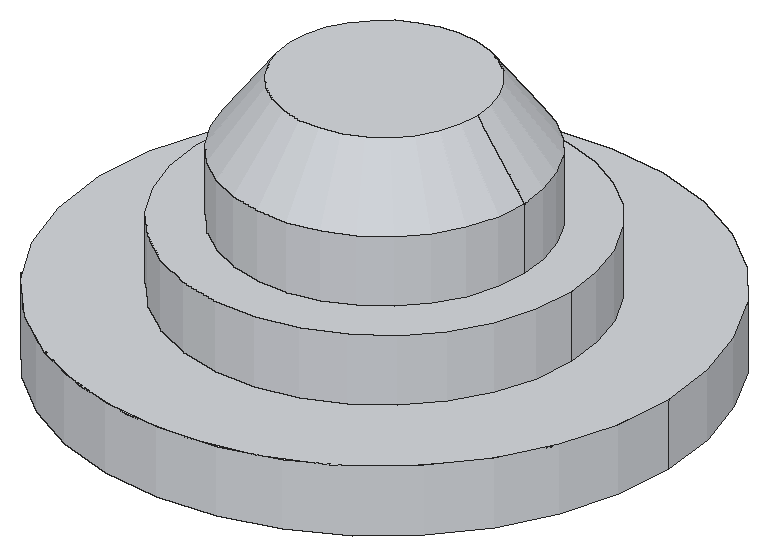
Revit family "54b2feb4a3f74aeba308fb7f4f25cad7", category Fire Alarm Devices, host Face, Revit 2021
Family settings
  Host = Face
  Maintain Annotation Orientation = No
  Round Connector Dimension = Use Diameter
  Part Type = Normal
  OmniClass Number = 23.85.30.21.11.11
  OmniClass Title = Fire/Smoke Detectors
  Seek Item ID = Rate of Rise Heat Detector-0000-USA-ENU
  Cut with Voids When Loaded = No
  Shared = No
  Room Calculation Point = No
Parameters (values of type "Standard")
  Radius 2 = 0' - 0 3/4"
  Radius 3 = 0' - 1 1/8"
  Radius 1 = 0' - 1 1/2"
  Radius = Diameter * 0.5  # 0' - 2.2793"
  Label = ""
  Diameter = 0' - 4 143/256"
  Detector Material = none
  Length 3 = 0' - 0 1/2"
  Length 2 = 0' - 0 1/2"
  Length 1 = 0' - 0 1/2"
  Length = 0' - 2"
  Default Elevation = 4' - 0"
Types (4): name | Label
  (no name) | ""
  Standard | ""
  200F | "200°"
  135F | "135°"
Reference planes (in)
  plane 1 "Center (Front/Back)": y = 0
  plane 2: z = 0
  plane 3 "Center (Left/Right)": x = 0
  plane 4: z = 0.5
  plane 5: z = 2
  plane 6: z = 1.5
  plane 7: z = 1
Forms (in)
  Extrusion 1, solid, material <- "Detector Material"
    sketch origin (0, 0, 0) x (1, 0, 0) y (0, 1, 0)
      loop
        circle (0, 0) r 2.2793
    from 0 to 0.5
  Extrusion 2, solid, material <- "Detector Material"
    sketch origin (0, 0, 0) x (1, 0, 0) y (0, 1, 0)
      loop
        circle (0, 0) r 1.5
    from 0.5 to 1
  Blend 3, solid, material <- "Detector Material"
    base sketch origin (0, 0, 0) x (1, 0, 0) y (0, 1, 0)
      loop
        circle (0, 0) r 1.125
    top sketch origin (0, 0, 0) x (1, 0, 0) y (0, 1, 0)
      loop
        circle (0, 0) r 0.75
    from 1.5 to 2
  Extrusion 4, solid, material <- "Detector Material"
    sketch origin (0, 0, 0) x (1, 0, 0) y (0, 1, 0)
      loop
        circle (0, 0) r 1.125
    from 1 to 1.5
Cuts and joins
  joined: Extrusion 1, Extrusion 2, Blend 3, Extrusion 4
Lines and regions (in)
  symbolic lines, detail levels fine
    curve 1: arc (-2.2793, 0, 0) -> (0, -2.2793, 0) -> (2.2793, 0, 0) r 2.2793
    curve 2: arc (2.2793, 0, 0) -> (0, 2.2793, 0) -> (-2.2793, 0, 0) r 2.2793
    curve 3: arc (1.5, 0, 0) -> (0, 1.5, 0) -> (-1.5, 0, 0) r 1.5
    curve 4: arc (-1.5, 0, 0) -> (0, -1.5, 0) -> (1.5, 0, 0) r 1.5
    curve 5: arc (-1.125, 0, 0) -> (0, -1.125, 0) -> (1.125, 0, 0) r 1.125
    curve 6: arc (1.125, 0, 0) -> (0, 1.125, 0) -> (-1.125, 0, 0) r 1.125
    curve 7: arc (0.75, 0, 0) -> (0, 0.75, 0) -> (-0.75, 0, 0) r 0.75
    curve 8: arc (-0.75, 0, 0) -> (0, -0.75, 0) -> (0.75, 0, 0) r 0.75
Dimensions and locks (in)
  "Length 1": plane 4 to level
  "Length": plane 5 to level
  "Length 2": plane 7 to plane 4
  "Length 3": plane 6 to plane 7
  "Radius": radius of Extrusion 1 sketch curve
  "Radius 1": radius of Extrusion 2 sketch curve
  "Radius 3": radius of Blend 3 sketch curve
  "Radius 2": radius of Blend 3 sketch curve
  "Radius 3": radius of Extrusion 4 sketch curve
  aligned and locked: plane 2 to host face
  aligned and locked: level to host face
  aligned and locked: Extrusion 1 to plane 2
  aligned and locked: plane 4 to Extrusion 1
  aligned and locked: Extrusion 2 to plane 4
  aligned and locked: plane 1 "Center (Front/Back)" to Blend 3 sketch curve  (x2)
  aligned and locked: plane 3 "Center (Left/Right)" to Blend 3 sketch curve  (x2)
  aligned and locked: plane 5 to Blend 3
  aligned and locked: Blend 3 to plane 6
  aligned and locked: Blend 3 to plane 5
  aligned and locked: plane 1 "Center (Front/Back)" to Extrusion 1 sketch curve
  aligned and locked: plane 3 "Center (Left/Right)" to Extrusion 1 sketch curve
  aligned and locked: plane 1 "Center (Front/Back)" to Extrusion 2 sketch curve
  aligned and locked: plane 3 "Center (Left/Right)" to Extrusion 2 sketch curve
  aligned and locked: plane 1 "Center (Front/Back)" to Extrusion 4 sketch curve
  aligned and locked: plane 3 "Center (Left/Right)" to Extrusion 4 sketch curve
  aligned and locked: plane 6 to Extrusion 4
  aligned and locked: plane 7 to cut or joined group of Extrusion 1, Extrusion 2, Blend 3, Extrusion 4  (x2)
  aligned and locked: cut or joined group of Extrusion 1, Extrusion 2, Blend 3, Extrusion 4 to plane 7
  aligned and locked: curve 1 to cut or joined group of Extrusion 1, Extrusion 2, Blend 3, Extrusion 4
  aligned and locked: curve 2 to cut or joined group of Extrusion 1, Extrusion 2, Blend 3, Extrusion 4
  aligned and locked: curve 3 to cut or joined group of Extrusion 1, Extrusion 2, Blend 3, Extrusion 4
  aligned and locked: curve 4 to cut or joined group of Extrusion 1, Extrusion 2, Blend 3, Extrusion 4
  aligned and locked: curve 5 to cut or joined group of Extrusion 1, Extrusion 2, Blend 3, Extrusion 4
  aligned and locked: curve 6 to cut or joined group of Extrusion 1, Extrusion 2, Blend 3, Extrusion 4
  aligned and locked: curve 7 to cut or joined group of Extrusion 1, Extrusion 2, Blend 3, Extrusion 4
  aligned and locked: curve 8 to cut or joined group of Extrusion 1, Extrusion 2, Blend 3, Extrusion 4
  aligned and locked: plane 1 "Center (Front/Back)" to nested 1
  aligned and locked: nested 1 to plane 3 "Center (Left/Right)"
Automatic sketch dimensions
  host sketch curve to host sketch curve = 8' - 0"  (x2)
Nested families (in)
  nested 1: "Heat Detector Annotation 1" at (0, 0, 0), type "Heat Detector Annotation 1", detail levels coarse+medium
Connectors (in)
  electrical at (0, 0, 0)
    settings: on Extrusion 1, index 1, voltage 0 V, apparent load 0 VA, apparent load phase1 0 VA, apparent load phase2 0 VA, apparent load phase3 0 VA, power factor 1, load classification "Other", number of poles 1, system type 11, power factor state 1, is connector primary yes, connector utility no, sub classification motor no, connector description ""
Definition of nested family "Heat Detector Annotation 1"
  Parameters
    Label 2 = ""
    Label 1 = "F"
  Reference planes (in)
    plane 1: y = 0
    plane 2: x = 0
  Lines and regions (in)
    reference lines
      curve 1: line (-0.59408, 0.0625, 0) -> (1.03342, 0.0625, 0)
    detail lines
      curve 2: line (0, 0.0625, 0) -> (-0.05413, 0.03125, 0)
      curve 3: line (-0.05413, 0.03125, 0) -> (-0.05413, -0.03125, 0)
      curve 4: line (-0.05413, -0.03125, 0) -> (0, -0.0625, 0)
      curve 5: line (0, -0.0625, 0) -> (0.05413, -0.03125, 0)
      curve 6: line (0.05413, -0.03125, 0) -> (0.05413, 0.03125, 0)
      curve 7: line (0.05413, 0.03125, 0) -> (0, 0.0625, 0)
  Text (in)
    label "F" at (-0.03165, -0.00372, 0), shows "Label 1"
    label "200°" at (0.05408, -0.04425, 0), shows "Label 2"
  Dimensions and locks (in)
    locked: plane 1 to curve 1 at 0.0625
